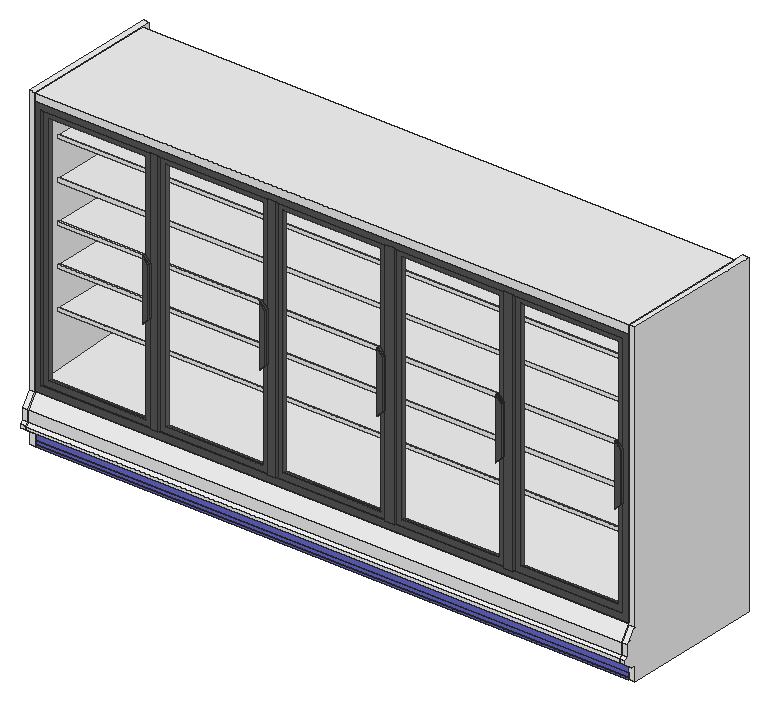
Revit family
Parameters (values of type "RLN-5DR. INNOVATOR II")
  Width = 153 5/16"
  Voltage - Electric Defrost [instance] = 208 V
  Voltage [instance] = 120 V
  URL = "www.hussmann.com"
  Type Comments = "LT 5-Door Reach-In Merchandiser"
  Temp Sensor [instance] = "Low Voltage"
  System Control [instance] = "1.00 A"
  Standard Right End Cap On/Off [instance] = yes
  Standard Left End Cap On/Off [instance] = yes
  Revit Family Dates = "4/23/12PMA(0508)"
  Refrig. Suction [instance] = "Suction"
  Refrig. Liquid [instance] = "Liquid"
  Phase [instance] = 1
  Number of Shelves = 0
  Model = "RLN-5"
  Mirrored Right End Cap On/Off [instance] = no
  Mirrored Left End Cap On/Off = no
  Manufacturer = "Hussmann Corporation"
  MCA (Min Circ Amp) [instance] = 3.94 A
  Linear Shelf Length = 0"
  Height = 82 3/8"
  Front Height = 0"
  Frequency [instance] = 60 Hz
  Finish_Trim [instance] = Stainless Steel 2
  Finish_Top [instance] = none
  Finish_Shelf [instance] = Stainless Steel
  Finish_Handle = Metal Black-Door
  Finish_Glass [instance] = Glass 2
  Finish_Frame = Metal Black-Door
  Finish_Door [instance] = Metal Black-Door
  Finish_Case [instance] = Stainless Steel
  Finish_Bumper [instance] = Metal Blue-trim
  Finish_Base [instance] = Stainless Steel
  Final Hookup By [instance] = "N/A"
  Elect. Defrost Amps [instance] = "16.82 A"
  Drain Pipe Size = "1 1/4\" DIA"
  Drain Heaters [instance] = 2.57 A
  Description 2 = "Impact Merchandiser with Hussmann Innovator II Doors"
  Description = "LT 5-Door Reach-In Merchandiser"
  Depth = 39 3/4"
  Copper-Suction [instance] = Copper
  Copper-Liquid [instance] = Copper
  Case Lights Amps [instance] = "3.00 A"
  Case Lights [instance] = 3 A
  Case Fans (MCA) [instance] = "3.94 A"
  Assembly Code = ""
Reference planes (in)
  plane 1 "Center (Front/Back)": y = 0
  plane 2: z = 0
  plane 3: z = 13.375
  plane 4: z = 80.375
  plane 5: z = 82.375
  plane 6: x = -77.30699
  plane 7: x = 76.00551
  plane 8: x = -0.49449
  plane 9: y = -39.75
  plane 10: y = -30.625
  plane 11: y = -28
  plane 12: x = -34.11949
  plane 13: x = 32.88051
Forms (in)
  Extrusion 1, solid, material "Stainless Steel" <- "Finish_Case"
    sketch origin (-77.30699, 0, 0) x (0, 1, 0) y (0, 0, 1)
      loop
        line (-5, 4.63662) -> (-2.5, 7.13662) -> (-2.5, 82.375) -> (-36.8125, 82.375) -> (-36.8125, 80.375) -> (-5.25, 80.375) -> (-5.25, 8.32075) -> (-24.32494, 7.65464) -> (-25.55546, 6.42413) -> (-29.05546, 6.42413) -> (-31, 8.36867) -> (-33.25, 8.36867) -> (-33.25, 6.36867) -> (-30.25, 4.63662) -> (-5, 4.63662)
    from 0 to 153.3125
  Extrusion 2, solid, material "Stainless Steel" <- "Finish_Case"
    sketch origin (-77.30699, 4, 0) x (0, 1, 0) y (0, 0, 1)
      loop
        line (-37.25, 13.375) -> (-40.75, 13.06879) -> (-43.04431, 9.79218) -> (-43.04431, 7.04218) -> (-43.75, 6.33649) -> (-43.75, 5.46372) -> (-42.51777, 4.6009) -> (-40.75, 6.36867) -> (-40.75, 8.36867) -> (-37.25, 8.36867) -> (-37.25, 13.375)
    from 0 to 153.3125
  Extrusion 3, solid, material "Stainless Steel" <- "Finish_Case"
    sketch origin (-77.30699, 0, 0) x (0, 1, 0) y (0, 0, 1)
      loop
        line (-5.25, 80.375) -> (-32.75, 80.375) -> (-32.75, 79.30701) -> (-7.5, 78.86627) -> (-7.5, 8.24218) -> (-5.25, 8.32075) -> (-5.25, 80.375)
    from 0 to 153.3125
  Extrusion 4, solid
    sketch origin (-77.30699, 0, 0) x (0, 1, 0) y (0, 0, 1)
      loop
        line (-33, 79.31138) -> (-33, 78.31138) -> (-30, 78.31138) -> (-30, 79.25901) -> (-33, 79.31138)
    from 0 to 150.375
  Extrusion 5, solid, material "Stainless Steel" <- "Finish_Base"
    sketch origin (-77.30699, 0, 0) x (0, 1, 0) y (0, 0, 1)
      loop
        line (-7.5, 8.24218) -> (-7.5, 14.02618) -> (-29, 14.02618) -> (-29, 11.02618)
        arc (-29, 11.02618) -> (-29.29289, 10.31907) -> (-30, 10.02618) r 1
        line (-30, 10.02618) -> (-31.25, 10.02618)
        arc (-31.25, 10.02618) -> (-31.95711, 10.31907) -> (-32.25, 11.02618) r 1
        line (-32.25, 11.02618) -> (-32.25, 13.375) -> (-33.25, 13.375) -> (-33.25, 8.36867) -> (-31, 8.36867) -> (-29.05546, 6.42413) -> (-25.55546, 6.42413) -> (-24.32494, 7.65464) -> (-7.5, 8.24218)
    from 0 to 153.3125
  Extrusion 6, solid, material "Stainless Steel" <- "Finish_Shelf"
    sketch origin (-77.30699, 0, 0) x (0, 1, 0) y (0, 0, 1)
      loop
        line (-7.5, 64.46157) -> (-7.5, 68.38662) -> (-8.5, 68.38662) -> (-8.5, 69.38662) -> (-29.5, 69.38662) -> (-29.5, 69.63662) -> (-29.75, 69.63662) -> (-29.75, 68.63662) -> (-29.5, 68.63662) -> (-29.5, 69.13662) -> (-26, 69.13662) -> (-26, 68.88662) -> (-13.81963, 68.88662) -> (-7.5, 64.46157)
      loop
        line (-34.54319, 13.85228) -> (-7.5, 15.26956) -> (-7.5, 16.27093) -> (-34.54319, 14.85366) -> (-34.54319, 13.85228)
      loop
        line (-7.5, 54.46157) -> (-7.5, 58.38662) -> (-8.5, 58.38662) -> (-8.5, 59.38662) -> (-29.5, 59.38662) -> (-29.5, 59.63662) -> (-29.75, 59.63662) -> (-29.75, 58.63662) -> (-29.5, 58.63662) -> (-29.5, 59.13662) -> (-26, 59.13662) -> (-26, 58.88662) -> (-13.81963, 58.88662) -> (-7.5, 54.46157)
      loop
        line (-7.5, 44.46157) -> (-7.5, 48.38662) -> (-8.5, 48.38662) -> (-8.5, 49.38662) -> (-29.5, 49.38662) -> (-29.5, 49.63662) -> (-29.75, 49.63662) -> (-29.75, 48.63662) -> (-29.5, 48.63662) -> (-29.5, 49.13662) -> (-26, 49.13662) -> (-26, 48.88662) -> (-13.81963, 48.88662) -> (-7.5, 44.46157)
      loop
        line (-7.5, 34.46157) -> (-7.5, 38.38662) -> (-8.5, 38.38662) -> (-8.5, 39.38662) -> (-29.5, 39.38662) -> (-29.5, 39.63662) -> (-29.75, 39.63662) -> (-29.75, 38.63662) -> (-29.5, 38.63662) -> (-29.5, 39.13662) -> (-26, 39.13662) -> (-26, 38.88662) -> (-13.81963, 38.88662) -> (-7.5, 34.46157)
      loop
        line (-7.5, 24.46157) -> (-7.5, 28.38662) -> (-8.5, 28.38662) -> (-8.5, 29.38662) -> (-29.5, 29.38662) -> (-29.5, 29.63662) -> (-29.75, 29.63662) -> (-29.75, 28.63662) -> (-29.5, 28.63662) -> (-29.5, 29.13662) -> (-26, 29.13662) -> (-26, 28.88662) -> (-13.81963, 28.88662) -> (-7.5, 24.46157)
    from 0 to 153.3125
  Extrusion 7, solid, material "Stainless Steel"
    sketch origin (-75.80699, 0, 0) x (0, 1, 0) y (0, 0, 1)
      loop
        line (0, 4.26162) -> (-33.84766, 4.26162) -> (-33.84766, 0) -> (0, 0) -> (0, 4.26162)
    from 0 to -1.5
  Extrusion 8, solid, material "Stainless Steel"
    sketch origin (74.50551, 0, 0) x (0, 1, 0) y (0, 0, 1)
      loop
        line (0, 4.26162) -> (-33.84766, 4.26162) -> (-33.84766, 0) -> (0, 0) -> (0, 4.26162)
    from 0 to 1.5
  Extrusion 9, solid, material "Metal Blue-trim"
    sketch origin (-80.30699, 4.8125, 0) x (0, 1, 0) y (0, 0, 1)
      loop
        line (-38.66016, 4.7871) -> (-39.66016, 5.36445) -> (-39.66016, 4.26162) -> (-41.3125, 4.55297) -> (-41.3125, 1.75) -> (-41.5625, 1.75) -> (-41.5625, 1) -> (-41.3125, 1) -> (-41.3125, 0.75) -> (-41.5625, 0.75) -> (-41.5625, 0.19004) -> (-39.66016, 0.52548) -> (-39.66016, 0) -> (-38.66016, 0) -> (-38.66016, 4.7871)
    from 3 to 156.3125
  Extrusion 10, solid, material "Stainless Steel"
    sketch origin (-80.30699, 0, 0) x (0, 1, 0) y (0, 0, 1)
      loop
        line (-33.84766, 1.76162) -> (0, 1.76162) -> (0, 4.26162) -> (-33.84766, 4.26162) -> (-33.84766, 1.76162)
    from 4.5 to 154.8125
  Extrusion 11, solid, material "Stainless Steel"
    sketch origin (-75.80699, 0, 0) x (0, 1, 0) y (0, 0, 1)
      loop
        line (-0.5532, 1.76162) -> (-2.8032, 1.76162) -> (-2.8032, 0) -> (-0.5532, 0) -> (-0.5532, 1.76162)
      loop
        line (-29.125, 1.76162) -> (-29.125, 0) -> (-26.875, 0) -> (-26.875, 1.76162) -> (-29.125, 1.76162)
    from 0 to 150.3125
  Extrusion 12, solid, material "Stainless Steel"
    sketch origin (-77.30699, 0, 0) x (0, 1, 0) y (0, 0, 1)
      loop
        line (-2.5, 4.26162) -> (0, 4.26162) -> (0, 50.13662) -> (-2.5, 50.13662) -> (-2.5, 4.26162)
    from 0 to 153.3125
  Sweep 13, solid, material "Metal Black-Door"
    path origin (0, 3.1875, 0) x (1, 0, 0) y (0, 0, 1)
      loop
        line (-77.30699, 80.375) -> (-77.30699, 13.375) -> (76.00551, 13.375) -> (76.00551, 80.375) -> (-77.30699, 80.375)
    profile origin (-0.65074, 3.1875, 80.375) x (0, 0, 1) y (0, -1, 0)
      loop
        line (0, 40) -> (-1.5, 40) -> (-1.5, 38.5) -> (0, 38.5) -> (0, 40)
  Extrusion 14, solid, material "Metal Black-Door"
    sketch origin (0, -36.8125, 0) x (0, 0, 1) y (1, 0, 0)
      loop
        line (78.875, -75.80699) -> (78.875, -47.53199) -> (14.875, -47.53199) -> (14.875, -75.80699) -> (78.875, -75.80699)
      loop
        line (77.375, -74.30699) -> (77.375, -49.03199) -> (16.375, -49.03199) -> (16.375, -74.30699) -> (77.375, -74.30699)
      loop
        line (78.875, -17.25699) -> (14.875, -17.25699) -> (14.875, -45.53199) -> (78.875, -45.53199) -> (78.875, -17.25699)
      loop
        line (77.375, -18.75699) -> (16.375, -18.75699) -> (16.375, -44.03199) -> (77.375, -44.03199) -> (77.375, -18.75699)
      loop
        line (78.875, -15.13199) -> (78.875, 13.14301) -> (14.875, 13.14301) -> (14.875, -15.13199) -> (78.875, -15.13199)
      loop
        line (77.375, -13.63199) -> (77.375, 11.64301) -> (16.375, 11.64301) -> (16.375, -13.63199) -> (77.375, -13.63199)
      loop
        line (78.875, 43.79301) -> (14.875, 43.79301) -> (14.875, 15.51801) -> (78.875, 15.51801) -> (78.875, 43.79301)
      loop
        line (77.375, 42.29301) -> (16.375, 42.29301) -> (16.375, 17.01801) -> (77.375, 17.01801) -> (77.375, 42.29301)
      loop
        line (78.875, 46.23051) -> (78.875, 74.50551) -> (14.875, 74.50551) -> (14.875, 46.23051) -> (78.875, 46.23051)
      loop
        line (77.375, 47.73051) -> (77.375, 73.00551) -> (16.375, 73.00551) -> (16.375, 47.73051) -> (77.375, 47.73051)
    from 0.5 to 1.5
  Extrusion 15, solid, material "Glass 2"
    sketch origin (0, -36.0625, 0) x (1, 0, 0) y (0, 0, 1)
      loop
        line (-74.30699, 77.375) -> (-74.30699, 16.375) -> (-49.03199, 16.375) -> (-49.03199, 77.375) -> (-74.30699, 77.375)
      loop
        line (-18.75699, 77.375) -> (-44.03199, 77.375) -> (-44.03199, 16.375) -> (-18.75699, 16.375) -> (-18.75699, 77.375)
      loop
        line (-13.63199, 77.375) -> (-13.63199, 16.375) -> (11.64301, 16.375) -> (11.64301, 77.375) -> (-13.63199, 77.375)
      loop
        line (42.29301, 77.375) -> (17.01801, 77.375) -> (17.01801, 16.375) -> (42.29301, 16.375) -> (42.29301, 77.375)
      loop
        line (47.73051, 77.375) -> (47.73051, 16.375) -> (73.00551, 16.375) -> (73.00551, 77.375) -> (47.73051, 77.375)
    from 0 to -0.19922
  Extrusion 16, solid, material "Metal Black-Door"
    sketch origin (-34.88125, 0.0625, 31.9375) x (1, 0, 0) y (0, 0, 1)
      loop
        line (-14.15074, 22.8125) -> (-14.15074, 22.45895) -> (-12.90074, 21.20895) -> (-12.90074, 8.66605) -> (-14.15074, 7.41605) -> (-14.15074, 7.0625) -> (-12.65074, 8.5625) -> (-12.65074, 21.3125) -> (-14.15074, 22.8125)
    from 36.875 to 37.375
  Extrusion 17, solid, material "Metal Black-Door"
    sketch origin (-34.88125, -37.3125, 31.9375) x (1, 0, 0) y (0, 0, 1)
      loop
        line (-12.65074, 21.3125) -> (-14.15074, 22.8125) -> (-14.15074, 7.0625) -> (-12.65074, 8.5625) -> (-12.65074, 21.3125)
    from 0.25 to 0
  Extrusion 18, solid, material "Metal Black-Door"
    sketch origin (-4.60625, 0.0625, 31.9375) x (1, 0, 0) y (0, 0, 1)
      loop
        line (-14.15074, 22.8125) -> (-14.15074, 22.45895) -> (-12.90074, 21.20895) -> (-12.90074, 8.66605) -> (-14.15074, 7.41605) -> (-14.15074, 7.0625) -> (-12.65074, 8.5625) -> (-12.65074, 21.3125) -> (-14.15074, 22.8125)
    from 36.875 to 37.375
  Extrusion 19, solid, material "Metal Black-Door"
    sketch origin (-4.60625, -37.3125, 31.9375) x (1, 0, 0) y (0, 0, 1)
      loop
        line (-12.65074, 21.3125) -> (-14.15074, 22.8125) -> (-14.15074, 7.0625) -> (-12.65074, 8.5625) -> (-12.65074, 21.3125)
    from 0.25 to 0
  Extrusion 20, solid, material "Metal Black-Door"
    sketch origin (25.79375, 0.0625, 31.9375) x (1, 0, 0) y (0, 0, 1)
      loop
        line (-14.15074, 22.8125) -> (-14.15074, 22.45895) -> (-12.90074, 21.20895) -> (-12.90074, 8.66605) -> (-14.15074, 7.41605) -> (-14.15074, 7.0625) -> (-12.65074, 8.5625) -> (-12.65074, 21.3125) -> (-14.15074, 22.8125)
    from 36.875 to 37.375
  Extrusion 21, solid, material "Metal Black-Door"
    sketch origin (25.79375, -37.3125, 31.9375) x (1, 0, 0) y (0, 0, 1)
      loop
        line (-12.65074, 21.3125) -> (-14.15074, 22.8125) -> (-14.15074, 7.0625) -> (-12.65074, 8.5625) -> (-12.65074, 21.3125)
    from 0.25 to 0
  Extrusion 22, solid, material "Metal Black-Door"
    sketch origin (56.4443, 0.0625, 31.9375) x (1, 0, 0) y (0, 0, 1)
      loop
        line (-14.15128, 22.8125) -> (-14.15128, 22.45895) -> (-12.90074, 21.20895) -> (-12.90074, 8.66605) -> (-14.15128, 7.41605) -> (-14.15128, 7.0625) -> (-12.65074, 8.5625) -> (-12.65074, 21.3125) -> (-14.15128, 22.8125)
    from 36.875 to 37.375
  Extrusion 23, solid, material "Metal Black-Door"
    sketch origin (56.4443, -37.3125, 31.9375) x (1, 0, 0) y (0, 0, 1)
      loop
        line (-12.65074, 21.3125) -> (-14.15128, 22.8125) -> (-14.15128, 7.0625) -> (-12.65074, 8.5625) -> (-12.65074, 21.3125)
    from 0.25 to 0
  Extrusion 24, solid, material "Metal Black-Door"
    sketch origin (87.1568, 0.0625, 31.9375) x (1, 0, 0) y (0, 0, 1)
      loop
        line (-14.15128, 22.8125) -> (-14.15128, 22.45895) -> (-12.90074, 21.20895) -> (-12.90074, 8.66605) -> (-14.15128, 7.41605) -> (-14.15128, 7.0625) -> (-12.65074, 8.5625) -> (-12.65074, 21.3125) -> (-14.15128, 22.8125)
    from 36.875 to 37.375
  Extrusion 25, solid, material "Metal Black-Door"
    sketch origin (87.1568, -37.3125, 31.9375) x (1, 0, 0) y (0, 0, 1)
      loop
        line (-12.65074, 21.3125) -> (-14.15128, 22.8125) -> (-14.15128, 7.0625) -> (-12.65074, 8.5625) -> (-12.65074, 21.3125)
    from 0.25 to 0
  Extrusion 26, solid, material "Metal Black-Door"
    sketch origin (0, -36.66406, 0) x (1, 0, 0) y (0, 0, 1)
      loop
        line (-47.53199, 78.875) -> (-47.53199, 14.875) -> (-45.53199, 14.875) -> (-45.53199, 78.875) -> (-47.53199, 78.875)
      loop
        line (-17.25699, 78.875) -> (-17.25699, 14.875) -> (-15.13199, 14.875) -> (-15.13199, 78.875) -> (-17.25699, 78.875)
      loop
        line (13.14301, 78.875) -> (13.14301, 14.875) -> (15.51801, 14.875) -> (15.51801, 78.875) -> (13.14301, 78.875)
      loop
        line (43.79301, 78.875) -> (43.79301, 14.875) -> (46.23051, 14.875) -> (46.23051, 78.875) -> (43.79301, 78.875)
    from 0.14844 to -1.35156
  Extrusion 27, solid, material "Glass 2"
    sketch origin (13.75, 4.15234, 0) x (1, 0, 0) y (0, 1, 0)
      loop
        circle (55.82723, -37) r 0.375
      loop
        circle (55.82723, -37) r 0.36775
      loop
        circle (54.95081, -37) r 0.375
      loop
        circle (54.95081, -37) r 0.36775
      loop
        circle (54.07439, -37) r 0.375
      loop
        circle (54.07439, -37) r 0.36775
      loop
        circle (53.19797, -37) r 0.375
      loop
        circle (53.19797, -37) r 0.36775
      loop
        circle (52.32155, -37) r 0.375
      loop
        circle (52.32155, -37) r 0.36775
    from 4.63662 to 1.75
  Extrusion 28, solid, material "Glass 2"
    sketch origin (0, 3.41819, 0) x (1, 0, 0) y (0, 1, 0)
      loop
        circle (-0.61558, -34.54319) r 0.625
      loop
        circle (-0.61558, -34.54319) r 0.57589
    from 6.42413 to 1.75
  Extrusion 29, solid, material "Copper" <- "Copper-Liquid"
    sketch origin (13.75, 4.5, 0) x (1, 0, 0) y (0, 1, 0)
      loop
        circle (54.73782, -34.5) r 0.1875
      loop
        circle (54.73782, -34.5) r 0.17725
    from 4.26162 to 1.32634
  Extrusion 30, solid, material "Copper" <- "Copper-Suction"
    sketch origin (13.75, 5.56507, 0) x (1, 0, 0) y (0, 1, 0)
      loop
        circle (55.82723, -35.56507) r 0.4375
      loop
        circle (55.82723, -35.56507) r 0.42774
    from 4.26162 to 1.32634
Lines and regions (in)
  symbolic lines
    curve 1: line (-77.30699, 0, 0) -> (76.00551, 0, 0)
    curve 2: line (-77.30699, -39.75, 0) -> (-77.30699, 0, 0)
    curve 3: line (76.00551, -39.75, 0) -> (-77.30699, -39.75, 0)
    curve 4: line (76.00551, 0, 0) -> (76.00551, -39.75, 0)
Dimensions and locks (in)
  plane 5 to level = 82 3/8"
  "Height": level to plane 5
  level to plane 3 = 13 3/8"
  plane 4 to plane 5 = 2"
  plane 6 to plane 7 = 153 5/16"
  plane 7 to plane 6 = 153 5/16"
  Extrusion 2 to Extrusion 12 = 39 3/4"
  plane 1 "Center (Front/Back)" to plane 9 = 39 3/4"
  plane 1 "Center (Front/Back)" to plane 10 = 30 5/8"
  plane 1 "Center (Front/Back)" to plane 11 = 28"
  plane 9 to plane 1 "Center (Front/Back)" = 39 3/4"
  plane 10 to plane 1 "Center (Front/Back)" = 30 5/8"
  plane 11 to plane 1 "Center (Front/Back)" = 28"
  aligned and locked: Extrusion 17 sketch curve to Extrusion 16  (x4)
  aligned and locked: Extrusion 19 sketch curve to Extrusion 18  (x2)
  aligned and locked: Extrusion 18 to Extrusion 19 sketch curve  (x2)
  aligned and locked: Extrusion 21 sketch curve to Extrusion 20  (x2)
  aligned and locked: Extrusion 20 to Extrusion 21 sketch curve  (x2)
  aligned and locked: Extrusion 23 sketch curve to Extrusion 22  (x2)
  aligned and locked: Extrusion 22 to Extrusion 23 sketch curve  (x2)
  aligned and locked: Extrusion 25 sketch curve to Extrusion 24  (x2)
  aligned and locked: Extrusion 24 to Extrusion 25 sketch curve  (x2)
Automatic sketch dimensions
  curve 3 to plane 6 = 0"
  curve 3 to plane 7 = 0"
  plane 9 to curve 3 = 0"
  plane 1 "Center (Front/Back)" to curve 2 = 0"
  plane 4 to Extrusion 1 sketch curve = 0"
  plane 5 to Extrusion 1 sketch curve = 0"
  Extrusion 1 sketch curve to plane 9 = 2 15/16"
  plane 10 to Extrusion 1 sketch curve = 2 5/8"
  plane 10 to Extrusion 1 sketch curve = 3/8"
  Extrusion 1 sketch curve to plane 10 = 3/8"
  plane 11 to Extrusion 1 sketch curve = 1.05546"
  Extrusion 1 sketch curve to plane 11 = 2.44454"
  Extrusion 1 sketch curve to Extrusion 1 sketch curve = 1.23051"
  plane 1 "Center (Front/Back)" to Extrusion 1 sketch curve = 5 1/4"
  Extrusion 1 sketch curve to Extrusion 1 sketch curve = 1/4"
  plane 1 "Center (Front/Back)" to Extrusion 1 sketch curve = 2 1/2"
  plane 3 to Extrusion 1 sketch curve = 5.00633"
  plane 3 to Extrusion 1 sketch curve = 5.05425"
  plane 3 to Extrusion 1 sketch curve = 5.72036"
  Extrusion 1 sketch curve to Extrusion 1 sketch curve = 1.18413"
  Extrusion 1 sketch curve to Extrusion 1 sketch curve = 1.94454"
  Extrusion 1 sketch curve to Extrusion 1 sketch curve = 2"
  Extrusion 1 sketch curve to Extrusion 1 sketch curve = 2 1/2"
  Extrusion 2 sketch curve to plane 9 = 0"
  plane 3 to Extrusion 2 sketch curve = 0"
  Extrusion 2 sketch curve to plane 9 = 0.70569"
  Extrusion 2 sketch curve to plane 9 = 1.23223"
  Extrusion 2 sketch curve to Extrusion 2 sketch curve = 2.29431"
  plane 3 to Extrusion 2 sketch curve = 0.30621"
  Extrusion 2 sketch curve to plane 9 = 3"
  plane 10 to Extrusion 2 sketch curve = 2 5/8"
  plane 3 to Extrusion 2 sketch curve = 3.58282"
  Extrusion 2 sketch curve to Extrusion 2 sketch curve = 1.42351"
  Extrusion 2 sketch curve to Extrusion 2 sketch curve = 1.32649"
  Extrusion 2 sketch curve to Extrusion 2 sketch curve = 2"
  Extrusion 2 sketch curve to Extrusion 2 sketch curve = 0.70569"
  Extrusion 2 sketch curve to Extrusion 2 sketch curve = 0.87277"
  Extrusion 2 sketch curve to Extrusion 2 sketch curve = 0.86282"
  plane 4 to Extrusion 3 sketch curve = 0"
  plane 10 to Extrusion 3 sketch curve = 2 1/8"
  plane 1 "Center (Front/Back)" to Extrusion 3 sketch curve = 7 1/2"
  Extrusion 3 sketch curve to Extrusion 3 sketch curve = 2 1/4"
  plane 4 to Extrusion 3 sketch curve = 1.06799"
  plane 4 to Extrusion 3 sketch curve = 1.50873"
  plane 3 to Extrusion 3 sketch curve = 5.05425"
  Extrusion 3 sketch curve to Extrusion 3 sketch curve = 0.07857"
  plane 10 to Extrusion 4 sketch curve = 2 3/8"
  Extrusion 4 sketch curve to plane 10 = 5/8"
  plane 4 to Extrusion 4 sketch curve = 2.06362"
  Extrusion 4 sketch curve to Extrusion 4 sketch curve = 0.94763"
  Extrusion 4 sketch curve to Extrusion 4 sketch curve = 1"
  plane 3 to Extrusion 5 sketch curve = 0"
  plane 10 to Extrusion 5 sketch curve = 2 5/8"
  plane 10 to Extrusion 5 sketch curve = 1 5/8"
  plane 10 to Extrusion 5 sketch curve = 5/8"
  plane 10 to Extrusion 5 sketch curve = 3/8"
  Extrusion 5 sketch curve to plane 10 = 5/8"
  plane 11 to Extrusion 5 sketch curve = 1.05546"
  plane 11 to Extrusion 5 sketch curve = 1"
  Extrusion 5 sketch curve to plane 11 = 2.44454"
  Extrusion 5 sketch curve to Extrusion 5 sketch curve = 1.23051"
  plane 1 "Center (Front/Back)" to Extrusion 5 sketch curve = 7 1/2"
  plane 3 to Extrusion 5 sketch curve = 2.34882"
  Extrusion 5 sketch curve to Extrusion 5 sketch curve = 1.65751"
  plane 3 to Extrusion 5 sketch curve = 5 17/128"
  plane 3 to Extrusion 5 sketch curve = 5.72036"
  Extrusion 5 sketch curve to Extrusion 5 sketch curve = 1.94454"
  Extrusion 5 sketch curve to plane 3 = 0.65118"
  Extrusion 6 sketch curve to plane 3 = 0.47728"
  plane 10 to Extrusion 6 sketch curve = 3.91819"
  Extrusion 6 sketch curve to plane 10 = 7/8"  (x5)
  Extrusion 6 sketch curve to Extrusion 6 sketch curve = 1/4"  (x19)
  Extrusion 6 sketch curve to Extrusion 6 sketch curve = 0"  (x5)
  Extrusion 6 sketch curve to plane 11 = 2"  (x5)
  Extrusion 6 sketch curve to Extrusion 6 sketch curve = 12.18037"  (x2)
  Extrusion 6 sketch curve to Extrusion 6 sketch curve = 5.31963"  (x5)
  Extrusion 6 sketch curve to Extrusion 6 sketch curve = 1"  (x9)
  Extrusion 6 sketch curve to plane 3 = 2.89593"
  plane 1 "Center (Front/Back)" to Extrusion 6 sketch curve = 7 1/2"
  Extrusion 6 sketch curve to Extrusion 6 sketch curve = 1.00137"  (x2)
  Extrusion 6 sketch curve to Extrusion 6 sketch curve = 8.19064"
  Extrusion 6 sketch curve to Extrusion 6 sketch curve = 3.92505"  (x5)
  Extrusion 6 sketch curve to Extrusion 6 sketch curve = 13.78296"
  Extrusion 6 sketch curve to Extrusion 6 sketch curve = 1/2"  (x5)
  Extrusion 6 sketch curve to Extrusion 6 sketch curve = 5.07495"  (x4)
  Extrusion 6 sketch curve to Extrusion 6 sketch curve = 9"  (x4)
  Extrusion 7 sketch curve to level = 0"
  Extrusion 7 sketch curve to plane 1 "Center (Front/Back)" = 0"
  plane 10 to Extrusion 7 sketch curve = 3 57/256"
  Extrusion 7 sketch curve to Extrusion 7 sketch curve = 4.26162"
  Extrusion 8 sketch curve to level = 0"
  Extrusion 8 sketch curve to plane 1 "Center (Front/Back)" = 0"
  plane 10 to Extrusion 8 sketch curve = 3 57/256"
  level to Extrusion 8 sketch curve = 4.26162"
  Extrusion 9 sketch curve to level = 0"
  level to Extrusion 9 sketch curve = 1"
  Extrusion 9 sketch curve to plane 9 = 3"
  Extrusion 9 sketch curve to Extrusion 9 sketch curve = 0"
  Extrusion 9 sketch curve to Extrusion 9 sketch curve = 1/4"  (x3)
  Extrusion 9 sketch curve to Extrusion 9 sketch curve = 1 167/256"  (x2)
  level to Extrusion 9 sketch curve = 0.52548"
  Extrusion 9 sketch curve to Extrusion 9 sketch curve = 1"
  level to Extrusion 9 sketch curve = 0.19004"
  Extrusion 9 sketch curve to Extrusion 9 sketch curve = 3/4"
  Extrusion 9 sketch curve to Extrusion 9 sketch curve = 2.51162"
  Extrusion 9 sketch curve to Extrusion 9 sketch curve = 0.29135"
  Extrusion 9 sketch curve to Extrusion 9 sketch curve = 0.52548"
  Extrusion 9 sketch curve to Extrusion 9 sketch curve = 1.10283"
  Extrusion 10 sketch curve to plane 1 "Center (Front/Back)" = 0"
  plane 10 to Extrusion 10 sketch curve = 3 57/256"
  level to Extrusion 10 sketch curve = 1.76162"
  Extrusion 10 sketch curve to Extrusion 10 sketch curve = 2 1/2"
  Extrusion 11 sketch curve to level = 0"  (x2)
  plane 11 to Extrusion 11 sketch curve = 1 1/8"
  Extrusion 11 sketch curve to plane 11 = 1 1/8"
  plane 1 "Center (Front/Back)" to Extrusion 11 sketch curve = 2.8032"
  plane 1 "Center (Front/Back)" to Extrusion 11 sketch curve = 0.5532"
  Extrusion 11 sketch curve to Extrusion 11 sketch curve = 1.76162"  (x2)
  Extrusion 12 sketch curve to plane 1 "Center (Front/Back)" = 0"
  plane 1 "Center (Front/Back)" to Extrusion 12 sketch curve = 2 1/2"
  level to Extrusion 12 sketch curve = 4.26162"
  plane 4 to Extrusion 12 sketch curve = 30.23838"
  Sweep 13 sketch curve to plane 3 = 0"
  Sweep 13 sketch curve to plane 6 = 0"
  Sweep 13 sketch curve to plane 7 = 0"
  Sweep 13 sketch curve to plane 4 = 0"
  profile plane to Sweep 13 sketch curve = 0"
  profile plane to Sweep 13 sketch curve = 1 1/2"
  profile plane to Sweep 13 sketch curve = 38 1/2"
  Sweep 13 sketch curve to Sweep 13 sketch curve = 1 1/2"
  Extrusion 14 sketch curve to plane 3 = 1 1/2"  (x5)
  Extrusion 14 sketch curve to Extrusion 14 sketch curve = 1 1/2"  (x14)
  plane 4 to Extrusion 14 sketch curve = 3"  (x5)
  plane 4 to Extrusion 14 sketch curve = 1 1/2"  (x5)
  plane 6 to Extrusion 14 sketch curve = 1 1/2"
  Extrusion 14 sketch curve to Extrusion 14 sketch curve = 25.275"  (x2)
  Extrusion 14 sketch curve to Extrusion 14 sketch curve = 2"
  Extrusion 14 sketch curve to plane 8 = 18.2625"
  Extrusion 14 sketch curve to Extrusion 14 sketch curve = 2 1/8"
  plane 8 to Extrusion 14 sketch curve = 12.1375"
  Extrusion 14 sketch curve to Extrusion 14 sketch curve = 2 3/8"
  Extrusion 14 sketch curve to Extrusion 14 sketch curve = 2 7/16"
  Extrusion 14 sketch curve to plane 7 = 3"
  Extrusion 14 sketch curve to plane 7 = 1 1/2"
  plane 6 to Extrusion 15 sketch curve = 3"
  Extrusion 15 sketch curve to plane 3 = 3"  (x5)
  Extrusion 15 sketch curve to Extrusion 15 sketch curve = 25.275"  (x2)
  Extrusion 15 sketch curve to Extrusion 15 sketch curve = 5"
  Extrusion 15 sketch curve to plane 8 = 18.2625"
  Extrusion 15 sketch curve to Extrusion 15 sketch curve = 5 1/8"
  plane 8 to Extrusion 15 sketch curve = 12.1375"
  Extrusion 15 sketch curve to Extrusion 15 sketch curve = 5 3/8"
  Extrusion 15 sketch curve to Extrusion 15 sketch curve = 5 7/16"
  Extrusion 15 sketch curve to plane 7 = 3"
  plane 4 to Extrusion 15 sketch curve = 3"  (x5)
  plane 6 to Extrusion 16 sketch curve = 28.275"
  Extrusion 16 sketch curve to Extrusion 16 sketch curve = 0"
  Extrusion 16 sketch curve to Extrusion 16 sketch curve = 1 1/4"  (x2)
  Extrusion 16 sketch curve to Extrusion 16 sketch curve = 1/4"
  Extrusion 16 sketch curve to plane 3 = 25 5/8"
  Extrusion 16 sketch curve to Extrusion 16 sketch curve = 0.35355"  (x2)
  Extrusion 16 sketch curve to Extrusion 16 sketch curve = 1.14645"
  Extrusion 16 sketch curve to Extrusion 16 sketch curve = 0.10355"  (x2)
  Extrusion 16 sketch curve to Extrusion 16 sketch curve = 12.54289"
  Extrusion 18 sketch curve to plane 8 = 18.2625"
  Extrusion 18 sketch curve to Extrusion 18 sketch curve = 0"
  Extrusion 18 sketch curve to Extrusion 18 sketch curve = 1 1/4"  (x2)
  Extrusion 18 sketch curve to Extrusion 18 sketch curve = 1/4"
  Extrusion 18 sketch curve to plane 3 = 25 5/8"
  Extrusion 18 sketch curve to Extrusion 18 sketch curve = 0.35355"  (x2)
  Extrusion 18 sketch curve to Extrusion 18 sketch curve = 1.14645"
  Extrusion 18 sketch curve to Extrusion 18 sketch curve = 0.10355"  (x2)
  Extrusion 18 sketch curve to Extrusion 18 sketch curve = 12.54289"
  plane 8 to Extrusion 20 sketch curve = 12.1375"  (x2)
  Extrusion 20 sketch curve to Extrusion 20 sketch curve = 1 1/4"  (x2)
  Extrusion 20 sketch curve to Extrusion 20 sketch curve = 1/4"
  Extrusion 20 sketch curve to plane 3 = 25 5/8"
  Extrusion 20 sketch curve to Extrusion 20 sketch curve = 0.35355"  (x2)
  Extrusion 20 sketch curve to Extrusion 20 sketch curve = 1.14645"
  Extrusion 20 sketch curve to Extrusion 20 sketch curve = 0.10355"  (x2)
  Extrusion 20 sketch curve to Extrusion 20 sketch curve = 12.54289"
  Extrusion 22 sketch curve to plane 7 = 33.7125"
  Extrusion 22 sketch curve to Extrusion 22 sketch curve = 0"
  Extrusion 22 sketch curve to Extrusion 22 sketch curve = 1.25055"
  Extrusion 22 sketch curve to Extrusion 22 sketch curve = 1/4"
  Extrusion 22 sketch curve to plane 3 = 25 5/8"
  Extrusion 22 sketch curve to Extrusion 22 sketch curve = 0.35355"  (x2)
  Extrusion 22 sketch curve to Extrusion 22 sketch curve = 1.14645"
  Extrusion 22 sketch curve to Extrusion 22 sketch curve = 0.10355"  (x2)
  Extrusion 22 sketch curve to Extrusion 22 sketch curve = 12.54289"
  Extrusion 22 sketch curve to Extrusion 22 sketch curve = 1 1/4"
  Extrusion 24 sketch curve to plane 7 = 3"  (x2)
  Extrusion 24 sketch curve to plane 7 = 1.74945"
  Extrusion 24 sketch curve to Extrusion 24 sketch curve = 1/4"
  Extrusion 24 sketch curve to plane 3 = 25 5/8"
  Extrusion 24 sketch curve to Extrusion 24 sketch curve = 0.35355"  (x2)
  Extrusion 24 sketch curve to Extrusion 24 sketch curve = 1.14645"
  Extrusion 24 sketch curve to Extrusion 24 sketch curve = 0.10355"  (x2)
  Extrusion 24 sketch curve to Extrusion 24 sketch curve = 12.54289"
  Extrusion 24 sketch curve to Extrusion 24 sketch curve = 1 1/4"
  Extrusion 26 sketch curve to plane 3 = 1 1/2"  (x4)
  plane 6 to Extrusion 26 sketch curve = 29.775"
  Extrusion 26 sketch curve to Extrusion 26 sketch curve = 2"
  plane 4 to Extrusion 26 sketch curve = 1 1/2"  (x4)
  Extrusion 26 sketch curve to plane 8 = 16.7625"
  Extrusion 26 sketch curve to Extrusion 26 sketch curve = 2 1/8"
  plane 8 to Extrusion 26 sketch curve = 13.6375"
  Extrusion 26 sketch curve to Extrusion 26 sketch curve = 2 3/8"
  Extrusion 26 sketch curve to Extrusion 26 sketch curve = 28.275"
  Extrusion 26 sketch curve to Extrusion 26 sketch curve = 2 7/16"
  Extrusion 27 sketch curve to Extrusion 27 sketch curve = 0"  (x14)
  plane 10 to Extrusion 27 sketch curve = 2 57/256"
  Extrusion 27 sketch curve to plane 7 = 9.93396"
  Extrusion 27 sketch curve to Extrusion 27 sketch curve = 0.87642"  (x4)
  Extrusion 28 sketch curve to Extrusion 28 sketch curve = 0"  (x2)
  Extrusion 28 sketch curve to plane 8 = 31/256"
  plane 10 to Extrusion 28 sketch curve = 1/2"
  Extrusion 29 sketch curve to Extrusion 29 sketch curve = 0"  (x2)
  plane 11 to Extrusion 29 sketch curve = 2"
  Extrusion 29 sketch curve to plane 7 = 7.51769"
  Extrusion 30 sketch curve to Extrusion 30 sketch curve = 0"  (x3)
  plane 11 to Extrusion 30 sketch curve = 2"
  Extrusion 30 sketch curve to plane 7 = 6.42828"
  radius of Extrusion 27 sketch curve = 3/8"  (x5)
  radius of Extrusion 27 sketch curve = 0.36775"  (x5)
  radius of Extrusion 28 sketch curve = 5/8"
  radius of Extrusion 28 sketch curve = 0.57589"
  radius of Extrusion 29 sketch curve = 3/16"
  radius of Extrusion 29 sketch curve = 0.17725"
  radius of Extrusion 30 sketch curve = 7/16"
  radius of Extrusion 30 sketch curve = 0.42774"
Nested families (in)
  nested 1: "Label Annotation 3-32" at (-0.49449, -6.41728, 0), type "Label Annotation 3-32"
  nested 2: "RLN-INNOVATORII_END CAP MIRRORED" at (-75.1875, 0, 0.37544), visible <- "Mirrored Left End Cap On/Off", type "RLN-End Panel Mirrored"
    with Serial Number "N/A", Remarks "N/A", Received By "N/A", Furnished By "N/A", Finish_Trim Stainless Steel 2, Finish_Top none, Finish_Shelf Stainless Steel, Finish_Glass Glass 2, Finish_Door Metal Black-Door, Finish_Case Stainless Steel, Finish_Bumper Metal Blue-trim, Finish_Base Stainless Steel, Final Hookup By "N/A", Assembled By "N/A"
  nested 3: "RLN-INNOVATORII_END CAP MIRRORED" at (79.625, 0, 0.37544), visible <- "Mirrored Right End Cap On/Off", type "RLN-End Panel Mirrored"
    with Serial Number "N/A", Remarks "N/A", Received By "N/A", Furnished By "N/A", Finish_Trim Stainless Steel 2, Finish_Top none, Finish_Shelf Stainless Steel, Finish_Glass Glass 2, Finish_Door Metal Black-Door, Finish_Case Stainless Steel, Finish_Bumper Metal Blue-trim, Finish_Base Stainless Steel, Final Hookup By "N/A", Assembled By "N/A"
  nested 4: "RLN-INNOVATORII_END PANEL" at (-75.1875, 0, 0.37544), visible <- "Standard Left End Cap On/Off", type "RLN-End Panel Mirrored"
    with Serial Number "N/A", Remarks "N/A", Received By "N/A", Furnished By "N/A", Finish_Trim Stainless Steel 2, Finish_Top none, Finish_Shelf Stainless Steel, Finish_Glass Glass 2, Finish_Door Metal Black-Door, Finish_Case Stainless Steel, Finish_Bumper Metal Blue-trim, Finish_Base Stainless Steel, Final Hookup By "N/A", Assembled By "N/A"
  nested 5: "RLN-INNOVATORII_END PANEL" at (79.625, 0, 0.37544), visible <- "Standard Right End Cap On/Off", type "RLN-End Panel Mirrored"
    with Serial Number "N/A", Remarks "N/A", Received By "N/A", Furnished By "N/A", Finish_Trim Stainless Steel 2, Finish_Top none, Finish_Shelf Stainless Steel, Finish_Glass Glass 2, Finish_Door Metal Black-Door, Finish_Case Stainless Steel, Finish_Bumper Metal Blue-trim, Finish_Base Stainless Steel, Final Hookup By "N/A", Assembled By "N/A"
  nested 6: "Case Nodes" at (69.57328, -32.84573, 0), type "Case Nodes"
  nested 7: "Case Nodes" at (69.57412, -30, 0), type "Case Nodes"
  nested 8: "Case Nodes" at (-34.11949, -36.8125, 0), type "Case Nodes"
  nested 9: "Case Nodes" at (-34.11949, -30, 0), type "Case Nodes"
  nested 10: "Case Nodes" at (32.88051, -36.8125, 0) x (-1, 0, 0) z (0, 0, 1), type "Case Nodes"
  nested 11: "Case Nodes" at (32.88051, -30, 0) x (-1, 0, 0) z (0, 0, 1), type "Case Nodes"
Connectors (in)
  piping at (-0.61558, -31.125, 1.75), driven by "Drain Pipe Size"
    settings: on Extrusion 28, index 3, connector radius 5/8", flow factor 0, pipe flow 0 GPM, pressure drop 0.00 psi, fitting loss kfactor 0, connector angle 0.00°, fixture units 0, flow configuration 2, flow direction 2, fitting loss method 0, system type 16, connector reference index -1, connector utility 0, adjustable connector no, is connector primary yes, fitting loss table "", connector description "1 1/4\" DIA"
  electrical at (69.57723, -32.84766, 1.75), driven by "Elect. Defrost Amps", driven by "Phase", driven by "Voltage - Electric Defrost"
    settings: on Extrusion 27, index 4, voltage 208 V, apparent load 0 VA, apparent load phase1 0 VA, apparent load phase2 0 VA, apparent load phase3 0 VA, power factor 1, load classification "Power", number of poles 1, system type 30, power factor state 1, is connector primary yes, connector utility no, sub classification motor no, connector description "16.82 A"
  electrical at (68.70081, -32.84766, 1.75), driven by "Case Fans (MCA)", driven by "Phase", driven by "Voltage"
    settings: on Extrusion 27, index 5, voltage 120 V, apparent load 0 VA, apparent load phase1 0 VA, apparent load phase2 0 VA, apparent load phase3 0 VA, power factor 1, load classification "Power", number of poles 1, system type 30, power factor state 1, is connector primary no, connector utility no, sub classification motor no, connector description "3.94 A"
  electrical at (67.82439, -32.84766, 1.75), driven by "Case Lights Amps", driven by "Phase", driven by "Voltage"
    settings: on Extrusion 27, index 6, voltage 120 V, apparent load 0 VA, apparent load phase1 0 VA, apparent load phase2 0 VA, apparent load phase3 0 VA, power factor 1, load classification "Lighting", number of poles 1, system type 30, power factor state 1, is connector primary no, connector utility no, sub classification motor no, connector description "3.00 A"
  electrical at (66.94797, -32.84766, 1.75), driven by "System Control"
    settings: on Extrusion 27, index 7, voltage 0 V, apparent load 0 VA, apparent load phase1 0 VA, apparent load phase2 0 VA, apparent load phase3 0 VA, power factor 1, load classification "Other", number of poles 1, system type 13, power factor state 1, is connector primary no, connector utility no, sub classification motor no, connector description "1.00 A"
  electrical at (66.07155, -32.84766, 1.75), driven by "Temp Sensor"
    settings: on Extrusion 27, index 8, voltage 0 V, apparent load 0 VA, apparent load phase1 0 VA, apparent load phase2 0 VA, apparent load phase3 0 VA, power factor 1, load classification "Other", number of poles 1, system type 5, power factor state 1, is connector primary no, connector utility no, sub classification motor no, connector description "Low Voltage"
  piping at (69.57723, -30, 1.32634), driven by "Refrig. Suction"
    settings: on Extrusion 30, index 9, connector radius 7/16", flow factor 0, pipe flow 0 GPM, pressure drop 0.00 psi, fitting loss kfactor 0, connector angle 0.00°, fixture units 0, flow configuration 0, flow direction 2, fitting loss method 0, system type 22, connector reference index -1, connector utility 0, adjustable connector no, is connector primary no, fitting loss table "", connector description "Suction"
  piping at (68.48782, -30, 1.32634), driven by "Refrig. Liquid"
    settings: on Extrusion 29, index 10, connector radius 3/16", flow factor 0, pipe flow 0 GPM, pressure drop 0.00 psi, fitting loss kfactor 0, connector angle 0.00°, fixture units 0, flow configuration 0, flow direction 1, fitting loss method 0, system type 22, connector reference index -1, connector utility 0, adjustable connector no, is connector primary no, fitting loss table "", connector description "Liquid"
Definition of nested family "RLN-INNOVATORII_END CAP MIRRORED"
  Parameters (values of type "RLN-End Panel Mirrored")
    Width = 1 1/2"
    Watts = ""
    Volts = ""
    URL = "www.hussmann.com"
    Type Comments = "N/A"
    Telephone = no
    Serial Number [instance] = "N/A"
    Remarks [instance] = "N/A"
    Refrigerant Type = "N/A"
    Received By [instance] = "N/A"
    Prototype = no
    Power = "N/A"
    PO Template = no
    Number of Shelves = 0
    Model = "RLN- Mirrored End Panel"
    Manufacturer = "Hussmann"
    Linear Shelf Length = 0"
    Item = "N/A"
    Install Date - Actual = "N/A"
    Install Data - Projected = "N/A"
    Hot Water = no
    Height = 82"
    HP = ""
    Gas Type = "N/A"
    Gas Pipe Size = "N/A"
    Furnished By [instance] = "N/A"
    Front Height = 0"
    Finish_Trim [instance] = Stainless Steel 2
    Finish_Top [instance] = none
    Finish_Shelf [instance] = Stainless Steel
    Finish_Handle = Metal Black-Door
    Finish_Glass [instance] = Glass 2
    Finish_Frame = Metal Black-Door
    Finish_Door [instance] = Metal Black-Door
    Finish_Case [instance] = Stainless Steel
    Finish_Bumper [instance] = Metal Blue-trim
    Finish_Base [instance] = Stainless Steel
    Final Hookup By [instance] = "N/A"
    Evap Temp = ""
    EMS = no
    Drain Pipe Size = "N/A"
    Divisional Use = "N/A"
    Description 2 = "Impact Merchandiser"
    Description = "Low Temperature Reach-in(Food or Ice Cream)"
    Depth = 39 3/4"
    Data = "N/A"
    Cold Water = no
    Class Code = "N/A"
    Category = "N/A"
    BTU Rating = "N/A"
    Assembly Code = "E1090320"
    Assembled By [instance] = "N/A"
    Amps = ""
    Accessories/Options = "N/A"
  Reference planes (in)
    plane 1 "Center (Front/Back)": y = 0
    plane 2: z = 0
    plane 3: y = -39.75
  Forms (in)
    Extrusion 1, solid, material "Stainless Steel" <- "Finish_Case"
      sketch origin (-3.61949, 0, -0.00032) x (0, 1, 0) y (0, 0, 1)
        loop
          line (0, 82) -> (-36.8125, 82) -> (-36.8125, 12.60453) -> (-39.04431, 9.41718) -> (-39.04431, 6.66718) -> (-39.75, 5.96149) -> (-39.75, 5.08872) -> (-38.19514, 4) -> (-36.75, 4) -> (-36.75, 0.00032) -> (0, 0.00032) -> (0, 82)
      from 0 to 1.5
  Lines and regions (in)
    symbolic lines
      curve 1: line (-3.61949, 0, 0) -> (-2.11949, 0, 0)
      curve 2: line (-3.61949, -39.75, 0) -> (-3.61949, 0, 0)
      curve 3: line (-2.11949, -39.75, 0) -> (-3.61949, -39.75, 0)
      curve 4: line (-2.11949, 0, 0) -> (-2.11949, -39.75, 0)
  Dimensions and locks (in)
    plane 1 "Center (Front/Back)" to Extrusion 1 = 39 3/4"
    plane 3 to plane 1 "Center (Front/Back)" = 39 3/4"
    Extrusion 1 to Extrusion 1 = 1 1/2"
    locked: Extrusion 1 to Extrusion 1 at 1.5  (x2)
    Extrusion 1 to level = 81.99968"
    aligned: curve 1 to Extrusion 1  (x2)
    aligned: curve 4 to Extrusion 1  (x2)
    aligned: Extrusion 1 to level
Definition of nested family "RLN-INNOVATORII_END PANEL"
  Parameters (values of type "RLN-End Panel")
    Width = 1 1/2"
    Watts = ""
    Volts = ""
    URL = "www.hussmann.com"
    Type Comments = "N/A"
    Telephone = no
    Serial Number [instance] = "N/A"
    Remarks [instance] = "N/A"
    Refrigerant Type = "N/A"
    Received By [instance] = "N/A"
    Prototype = no
    Power = "N/A"
    PO Template = no
    Number of Shelves = 0
    Model = "RLN- Mirrored End Panel"
    Manufacturer = "Hussmann"
    Linear Shelf Length = 0"
    Item = "N/A"
    Install Date - Actual = "N/A"
    Install Data - Projected = "N/A"
    Hot Water = no
    Height = 82"
    HP = ""
    Gas Type = "N/A"
    Gas Pipe Size = "N/A"
    Furnished By [instance] = "N/A"
    Front Height = 0"
    Finish_Trim [instance] = Stainless Steel 2
    Finish_Top [instance] = none
    Finish_Shelf [instance] = Stainless Steel
    Finish_Handle = Metal Black-Door
    Finish_Glass [instance] = Glass 2
    Finish_Frame = Metal Black-Door
    Finish_Door [instance] = Metal Black-Door
    Finish_Case [instance] = Stainless Steel
    Finish_Bumper [instance] = Metal Blue-trim
    Finish_Base [instance] = Stainless Steel
    Final Hookup By [instance] = "N/A"
    Evap Temp = ""
    EMS = no
    Drain Pipe Size = "N/A"
    Divisional Use = "N/A"
    Description 2 = "Impact Merchandiser"
    Description = "Low Temperature Reach-in(Food or Ice Cream)"
    Depth = 39 3/4"
    Data = "N/A"
    Cold Water = no
    Class Code = "N/A"
    Category = "N/A"
    BTU Rating = "N/A"
    Assembly Code = "E1090320"
    Assembled By [instance] = "N/A"
    Amps = ""
    Accessories/Options = "N/A"
  Reference planes (in)
    plane 1 "Center (Front/Back)": y = 0
    plane 2: z = 0
    plane 3: y = -39.75
  Forms (in)
    Extrusion 1, solid, material "Stainless Steel" <- "Finish_Case"
      sketch origin (-3.61949, 0, -0.37544) x (0, 1, 0) y (0, 0, 1)
        loop
          line (0, 82.375) -> (-36.8125, 82.375) -> (-36.8125, 12.97953) -> (-39.04431, 9.79218) -> (-39.04431, 7.04218) -> (-39.75, 6.33649) -> (-39.75, 5.46372) -> (-37.65959, 4) -> (-36.75, 4) -> (-36.75, 0.37544) -> (0, 0.37544) -> (0, 82.375)
      from 0 to 1.5
  Lines and regions (in)
    symbolic lines
      curve 1: line (-3.61949, 0, 0) -> (-2.11949, 0, 0)
      curve 2: line (-3.61949, -39.75, 0) -> (-3.61949, 0, 0)
      curve 3: line (-2.11949, -39.75, 0) -> (-3.61949, -39.75, 0)
      curve 4: line (-2.11949, 0, 0) -> (-2.11949, -39.75, 0)
  Dimensions and locks (in)
    plane 1 "Center (Front/Back)" to Extrusion 1 = 39 3/4"
    plane 3 to plane 1 "Center (Front/Back)" = 39 3/4"
    Extrusion 1 to Extrusion 1 = 1 1/2"
    locked: Extrusion 1 to Extrusion 1 at 1.5  (x2)
    Extrusion 1 to level = 81.99956"
    aligned: curve 1 to Extrusion 1  (x2)
    aligned: curve 4 to Extrusion 1  (x2)
Definition of nested family "Label Annotation 3-32"
  Parameters
    Label = ""
  Reference planes (in)
    plane 1: y = 0
    plane 2: x = 0
  Text (in)
    label "Label" at (0.00375, -0.00345, 0), shows "Label"
Definition of nested family "Case Nodes"
  Reference planes (in)
    plane 1 "Center (Front/Back)": y = 0
    plane 2: z = 0
    plane 3 "Center (Left/Right)": x = 0
  Lines and regions (in)
    model lines, style "InvisibleLines"
      curve 1: line (2.12132, 2.12132, 0) -> (-2.12132, -2.12132, 0)
      curve 2: line (-2.12132, 2.12132, 0) -> (2.12132, -2.12132, 0)
  Dimensions and locks (in)
    aligned and locked: plane 2 to level
